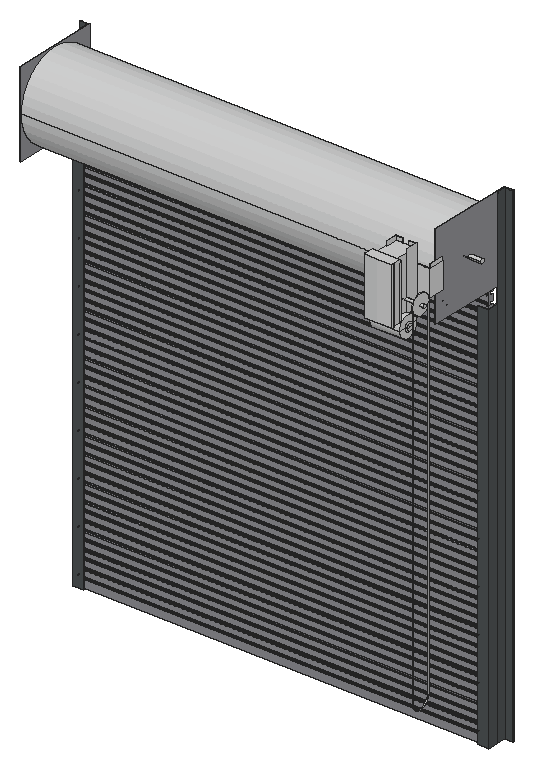
Revit family "Doors_Industrial_Overhead-Door-Corporation_Stormtite-AP-Rolling-Steel-Service-Doors-627_​", category Specialty Equipment, host Wall, Revit 2019
Family settings
  Host = Wall
  Round Connector Dimension = Use Diameter
  Part Type = Normal
  OmniClass Number = 23.30.10.21.34
  OmniClass Title = Industrial Doors
  Always vertical = Yes
  Cut with Voids When Loaded = Yes
  Shared = No
  Room Calculation Point = No
Parameters (values of type "115 volts, one phase, 60 Hz (110-120V range)")
  Width Count [instance] = if(or(Opening Width < 240", Opening Width = 240"), 20, if(or(Opening Width < 288", Opening Width = 288"), 24, 30))  # 20
  Warning Sign [instance] = if(Calculated Area > 683.00 SF, 1 = 1, 1 = 2)  # no
  Warning (Note) [instance] = if(Warning Sign, "The Door Area is out of the limit; please adjust accordingly. The maximum allowed area is 683 sq. ft.", if(Opening Height > 360", "Headroom Clearance Dimensions - out of the limits. Consult Factory", " "))  # " "
  Wall Thickness [instance] = 6"
  Voltage = 115 V
  True Opening Width [instance] = if(Between Jambs Mounting, Door Width True, Clear Width)  # 120"
  True Opening Height [instance] = if(Between Jambs Mounting, Clear Height + Headroom Height, Clear Height)  # 120"
  Slat Type [instance] = "FIT-265"  # constant formula
  Slat Option [instance] = 1  # constant formula
  Slat Length [instance] = Clear Width + G Value * 2 - 1" / 2 * 2  # 126"
  Slat Height [instance] = if(Slat < 2, 11 9/32", if(Slat = 2, 13 3/4", 13 19/128"))  # 13 19/128"
  Slat [instance] = 3  # constant formula
  Product Page URL = "https://www.overheaddoor.com/rolling-steel-service-doors-627"
  Power Factor = 1
  Powder Coat (Note) = "PowderGuard® Premium powder coat finish options are available in approximately 200 colors as well as custom matching to specification. PowderGuard® Textured finish, a thicker, more scratch resistant coat, is available in 11 colors providing enhanced scratch resistance as well as aiding in hiding the dirt and blemishes that often occur in commercial environments.​"  # constant formula
  Operator Visibility = yes
  Operation (Note) [instance] = "Door could operate by manual push, crank, electrical operator or chain hoist. Manual push up and crank could be used up to 80 sf, for larger door sizes you have to use Chain Hoist operator."  # constant formula
  Opening Width Real [instance] = if(Opening Width > Max Opening Width, Max Opening Width, if(Opening Width < Min Opening Width, Min Opening Width, Opening Width))  # 120"
  Opening Width [instance] = 120"
  Opening Height Real [instance] = if(Opening Height > Max Opening Height, Max Opening Height, if(Opening Height < Min Opening Height, Min Opening Height, Opening Height))  # 120"
  Opening Height [instance] = 120"
  One Array element [instance] = not(Array Vis)  # no
  Number of Poles = 1
  Motor Type [instance] = if(Between Jambs Mounting, "RSX Front of Hood", if(Motor Option < 2, "RSX Front of Hood", if(Motor Option = 2, "RSX Top of Hood", if(Motor Option = 3, "RSX Wall Mount", "RSX Bench Mount"))))  # "RSX Front of Hood"
  Motor Selection (Note) [instance] = "Generic operator shown. Contact Overhead Door when dimensions are critical. "  # constant formula
  Motor Position [instance] = if(Between Jambs Mounting, BJ Displacement Real, M Value - G Value)  # 2 3/4"
  Motor Option Real [instance] = if(Between Jambs Mounting, 1, if(Motor Option < 1, 1, if(Motor Option > 4, 4, Motor Option)))  # 1
  Motor Option [instance] = 1
  Min Opening Width [instance] = if(Between Jambs Mounting, 18" + BJ Displacement Real * 2 + G Value * 2, 18")  # 18"
  Min Opening Height [instance] = if(Between Jambs Mounting, 24" + Headroom Height, 24")  # 24"
  Max Opening Width [instance] = 364"  # constant formula
  Max Opening Height [instance] = 232"  # constant formula
  Material Finish [instance] = 627 : Standard - Gray
  M Value [instance] = if(or(Opening Width < 108", Opening Width = 108"), 5 3/4", if(or(Opening Width < 180", Opening Width = 180"), 6 1/4", if(or(Opening Width < 240", Opening Width = 240"), 7 1/4", 9 1/4")))  # 6 1/4"
  Lookup Table = "Hood Dimensions"  # constant formula
  Lookup BD [instance] = size_lookup(Lookup Table, if(Slat = 1, "A1", if(Slat = 2, "A2", "A3")), 10", Width Count, Height Count)  # 26"
  Jambs Offset [instance] = if(Between Jambs Mounting, BJ Displacement Real + G Value, 0")  # 0"
  Installation Real [instance] = if(Between Jambs Mounting, if((Wall Thickness / 2 - Guid Depth / 2) < 0", 0", Wall Thickness / 2 - Guid Depth / 2), Wall Thickness)  # 6"
  Hood Type [instance] = if(Hood Option < 2, "No Hood", if(Hood Option = 2, "Square Hood", if(Hood Option = 3, "Octagon Hood", "Round Hood")))  # "No Hood"
  Hood Option [instance] = 1
  Hood Offset [instance] = if(Chain Hoist or Manual, 3", 5")  # 5"
  Hood Material [instance] = Metal - Overhead Door - Gray
  Hood Height [instance] = Headroom Height Real - Hood Offset  # 26"
  Height Count [instance] = HC 3  # 11
  Lookup HH [instance] = size_lookup(Lookup Table, if(Slat = 1, "A1", if(Slat = 2, "A2", "A3")), 10", Width Count, Height Count)  # 26"
  Headroom Height Real [instance] = if(Face Of Wall Mounting, if(Chain Hoist or Manual, Lookup HH + 3", Lookup HH + 5"), Lookup HH + 3")  # 31"
  Headroom Height [instance] = if(Between Jambs Mounting, Headroom Height Real, if(Hood Option > 1, Headroom Height Real + 1 1/2", Headroom Height Real))  # 31"
  HC 3 [instance] = if(or(Opening Height < 72", Opening Height = 72"), 6, if(or(Opening Height < 96", Opening Height = 96"), 8, if(or(Opening Height < 108", Opening Height = 108"), 9, if(or(Opening Height < 132", Opening Height = 132"), 11, if(or(Opening Height < 156", Opening Height = 156"), 13, if(or(Opening Height < 192", Opening Height = 192"), 16, if(or(Opening Height < 216", Opening Height = 216"), 18, 19)))))))  # 11
  Guide Type [instance] = if(Between Jambs Mounting, "Angled Between Jambs Z Guide", "Angled Z Guide")  # "Angled Z Guide"
  Guide Option [instance] = if(Between Jambs Mounting, 1, 2)  # 2
  Guid Depth [instance] = if(Between Jambs Mounting, D Value + 1/4", D Value)  # 6 1/4"
  G Value [instance] = if(or(Opening Width < 108", Opening Width = 108"), 3", if(or(Opening Width < 180", Opening Width = 180"), 3 1/2", if(or(Opening Width < 240", Opening Width = 240"), 4", 5 9/16")))  # 3 1/2"
  Frequency = 60 Hz
  Face of Wall Offset [instance] = if(Between Jambs Mounting, 0", 5")  # 5"
  Face Of Wall Mounting [instance] = not(Between Jambs Mounting)  # yes
  Door Width True [instance] = if(Between Jambs Mounting, Clear Width + BJ Displacement Real * 2 + G Value * 2, Clear Width + M Value * 2)  # 132 1/2"
  Door Width (Real) [instance] = if(Between Jambs Mounting, Clear Width, Clear Width + 1" / 2)  # 120 1/2"
  Door Height True [instance] = Clear Width + Headroom Height  # 151"
  Door Height (Real) [instance] = Clear Height + Hood Offset  # 125"
  URL = "https://www.overheaddoor.com/"
  Product data url = "https://www.bimobject.com/overhead-door/product/stormtite-ap-rolling-steel-service-doors-627"
  Product Guid = "ebcf6bd3-ac62-4f39-a2e6-36bcc6072d1b"
  Model = "627"  # constant formula
  Manufacturer = "Overhead Door Corporation"  # constant formula
  Wall Closure = By host
  Floor To (CL) of Shaft [instance] = Clear Height + Hood Height / 2 + Hood Offset  # 138"
  Finish Material = Finish - Overhead Door - Black
  Description = "Model 627 Stormtite AP Insulated Heavy-duty rolling door R-value 10.9, U-value .84, Flame spread Class A or 1, system STC 21"  # constant formula
  D Value [instance] = if(or(Opening Width < 108", Opening Width = 108"), 5 11/16", if(or(Opening Width < 180", Opening Width = 180"), 6 1/4", if(or(Opening Width < 240", Opening Width = 240"), 6 3/16", 7 1/16")))  # 6 1/4"
  Clear Width [instance] = if(Between Jambs Mounting, Opening Width Real - BJ Displacement Real * 2 - G Value * 2, Opening Width Real)  # 120"
  Clear Height [instance] = if(Between Jambs Mounting, Opening Height Real - Headroom Height, Opening Height Real)  # 120"
  Chain Hoist or Manual = no
  Current = 20 A
  Connector Array Distance = 0"  # constant formula
  Connector Array = if(Chain Hoist or Manual, 2, 3)  # 3
  Between Jambs Mounting [instance] = no
  Between Jambs Guides Offset [instance] = 3"
  Bar [instance] = if(and(Hood Option > 1, Face Of Wall Mounting), 1 = 1, 1 = 2)  # no
  Backroom Depth [instance] = Lookup BD + 1/2"  # 26 1/2"
  BJ Opening Cut [instance] = if(Between Jambs Mounting, Headroom Height, 0")  # 0"
  BJ Displacement Real [instance] = if(Between Jambs Mounting, if(Between Jambs Guides Offset < 3", 3", if(Between Jambs Guides Offset > 6 3/4", 6 3/4", Between Jambs Guides Offset)), 0")  # 0"
  Array Vis [instance] = if(Array < 2, 1 = 2, 1 = 1)  # yes
  Array Real [instance] = if(Array < 2, 2, Array)  # 10
  Array Length [instance] = (Array) * Slat Height  # 131 31/64"
  Array [instance] = rounddown(([Door Height (Real)] - 3") / Slat Height) + 1  # 10
  Calculated Area [instance] = [Door Width (Real)] * [Door Height (Real)]  # 104.601 SF
  Apparent Load Phase 3 = if(Number of Poles = 1, 0 VA, (Voltage * Current * sqrt(3)) / 3)  # 0 VA
  Apparent Load Phase 2 = if(Number of Poles = 1, 0 VA, (Voltage * Current * sqrt(3)) / 3)  # 0 VA
  Apparent Load Phase 1 = if(Number of Poles = 1, Voltage * Current, (Voltage * Current * sqrt(3)) / 3)  # 2300 VA
Reference planes (in)
  plane 1 "Center (Front/Back)": y = -14.625
  plane 2 "Center (Left/Right)": x = 0
  plane 3 "Left": x = -60
  plane 4 "Right": x = 60
  plane 5 "Exterior": y = -8.625
  plane 6 "Interior": y = -14.625
  plane 7: x = 66.25
  plane 8: x = -66.25
  plane 9: z = 120
  plane 10 "Main": y = -20.23437
  plane 11 "Backroom Depth": y = -32.125
  plane 12 "Main Door Block": y = -5.625
  plane 13 "Bottom Bar": z = 2.75
  plane 14: y = -20.875
  plane 15: z = 134.23438
  plane 16: z = 151
  plane 17: z = 125
  plane 18: z = 152.5
  plane 19: z = 0
  plane 20: z = 60
  plane 21: y = -20.18359
  plane 22: y = 18.375
  plane 23: y = -41.625
  plane 24 "Double Main": y = -19.656
  plane 25 "Headroom Top": z = 151
  plane 26: z = 138
  plane 27: x = 63.5
  plane 28: x = -63.5
  plane 29: z = 121.08594
  plane 30: z = 2.75
  plane 31: z = 121.08594
  plane 32: z = 15.89844
  plane 33: z = 29.04688
  plane 34: z = 42.19531
  plane 35: z = 55.34375
  plane 36: z = 68.49219
  plane 37: z = 81.64063
  plane 38: z = 94.78906
  plane 39: z = 107.9375
  plane 40: y = -20.18359
  plane 41: y = -20.18359
  plane 42: y = -20.18359
  plane 43: y = -20.18359
  plane 44: y = -20.18359
  plane 45: y = -20.18359
  plane 46: y = -20.18359
  plane 47: y = -20.18359
  plane 48: y = -20.18359
  plane 49: y = -20.18359
Forms (in)
  Extrusion 1, void
    sketch origin (0, -5.625, 0) x (0, 0, -1) y (-1, 0, 0)
      loop
        line (-120, 60) -> (-120, -60) -> (0, -60) -> (0, 60) -> (-120, 60)
    from -9 to -3
  Extrusion 2, solid, material "Metal - Overhead Door - Gray" <- "Hood Material", visible <- "Bar"
    sketch origin (0, 0, 0) x (0, 1, 0) y (0, 0, 1)
      loop
        line (-14.875, 151) -> (-14.625, 151) -> (-14.625, 152.5) -> (-14.875, 152.5) -> (-14.875, 151)
    from -63.25 to 63.25
Lines and regions (in)
  symbolic lines, visible <- "Bar"
    curve 1: line (63.25, -14.625, 0) -> (-63.25, -14.625, 0)
    curve 2: line (-63.25, -14.875, 0) -> (63.25, -14.875, 0)
Text (in)
  text "Exterior" at (-74.96733, 27.31104, 0), in view "Ref. Level"
  text "Interior" at (-74.96733, -25.14366, 0), in view "Ref. Level"
  text "Exterior" at (0, 40.15149, 123.01588), in view "Right"
  text "Interior" at (0, -64.39139, 123.01588), in view "Right"
  text "Interior" at (0, -31.01599, 123.00693), in view "Left"
  text "Exterior" at (0, 54.57065, 123.00693), in view "Left"
Dimensions and locks (in)
  equal spacing: plane 3 "Left", plane 2 "Center (Left/Right)", plane 4 "Right"
  "Clear Width": plane 3 "Left" to plane 4 "Right"
  level to host wall = 459.59655"
  "Clear Height": level to plane 9
  plane 7 to plane 8 = 132 1/2"
  equal spacing: plane 7, plane 2 "Center (Left/Right)", plane 8
  locked: plane 13 "Bottom Bar" to level at 2.75
  "Door Width True": plane 7 to plane 8
  locked: plane 14 to plane 10 "Main" at 0.64063
  "Array Length": plane 15 to plane 13 "Bottom Bar"
  "Backroom Depth": plane 11 "Backroom Depth" to plane 12 "Main Door Block"
  "Hood Height": plane 16 to plane 17
  locked: plane 18 to plane 16 at 1.5
  locked: Extrusion 2 sketch curve to Extrusion 2 sketch curve at 0.25
  "Installation Real": plane 1 "Center (Front/Back)" to plane 5 "Exterior"
  "Wall Thickness": host wall to host wall
  equal spacing: plane 9, plane 20, plane 19
  locked: plane 10 "Main" to plane 21 at 0.05078
  equal spacing: plane 22, host wall, plane 23
  locked: plane 22 to plane 23 at 60
  locked: plane 10 "Main" to plane 24 "Double Main" at 0.57837
  "BJ Opening Cut": Extrusion 1 sketch curve to plane 9
  locked: Extrusion 2 sketch curve to Extrusion 2 sketch curve at 1.5
  "Hood Offset": plane 17 to plane 9
  "Headroom Height": plane 25 "Headroom Top" to plane 9
  "Floor To (CL) of Shaft": plane 26 to level
  "Jambs Offset": plane 4 "Right" to Extrusion 1 sketch curve
  "Jambs Offset": Extrusion 1 sketch curve to plane 3 "Left"
  "Motor Position": plane 7 to plane 27
  "Motor Position": plane 28 to plane 8
  locked: plane 28 to Extrusion 2 at 0.25
  locked: Extrusion 2 to plane 27 at 0.25
  "Guid Depth": plane 14 to plane 1 "Center (Front/Back)"
  "Slat Height": plane 15 to plane 29
  equal spacing: group 2, group 10, group 9, group 8, group 7, group 6, group 5, group 4, group 3, group 1
  equal spacing: group 1, group 3, group 4, group 5, group 6, group 7, group 8, group 9, group 10, group 2  (x2)
  aligned and locked: plane 5 "Exterior" to host wall
  aligned and locked: host wall to plane 6 "Interior"
  aligned and locked: level to Extrusion 1 sketch curve
  aligned and locked: Extrusion 1 to plane 5 "Exterior"
  aligned and locked: plane 6 "Interior" to Extrusion 1
  aligned and locked: nested 1 to plane 2 "Center (Left/Right)"
  aligned and locked: plane 16 to nested 2
  aligned and locked: nested 1 to level
  aligned and locked: Extrusion 2 sketch curve to plane 18
  aligned and locked: Extrusion 2 sketch curve to plane 6 "Interior"
  aligned and locked: curve 1 to Extrusion 2  (x2)
  aligned and locked: curve 2 to Extrusion 2  (x2)
  aligned and locked: Extrusion 2 to curve 2
  aligned and locked: nested 2 to plane 5 "Exterior"
  aligned and locked: level to plane 19
  aligned and locked: nested 1 to plane 1 "Center (Front/Back)"
  aligned and locked: plane 2 "Center (Left/Right)" to nested 3
  aligned and locked: nested 3 to plane 22
  aligned and locked: plane 23 to nested 4
  aligned and locked: nested 4 to plane 2 "Center (Left/Right)"
  aligned and locked: nested 5 to plane 20
  aligned and locked: plane 2 "Center (Left/Right)" to nested 5
  aligned and locked: nested 2 to plane 27
  aligned and locked: nested 5 to plane 21
  aligned and locked: nested 1 to plane 13 "Bottom Bar"
  aligned and locked: plane 13 "Bottom Bar" to plane 30
  aligned and locked: plane 29 to plane 31
  aligned and locked: plane 21 to nested 16
  aligned and locked: plane 21 to plane 40
  aligned and locked: plane 21 to plane 42
Automatic sketch dimensions
  curve 1 to curve 2 = 0"
Nested families (in)
  nested 1: "Lifts" at (0, -14.625, 0), type "Frame Unit"
    with Square Hood no, Round Hood no, Octagon Hood no, No Hood yes, M Value 6 1/4", Hood Offset 5", Hood Height 26", Headroom Height Real 31", Half Octagon Side 5.38478", Half Hood Height 26", Shaft Offset 13", Radius Hood 13", Headroom Height 31", Header Width 26 1/2", Guide Z Wide 2 3/4", Floor To (CL) of Shaft 138", D Value 6 1/4"
  nested 2: "Motor" at (56.6205, -48.705, 126.93), visible <- "Operator Visibility", type "Trolley Motor"
    with Vertical Mount 24.07", Hood Width Real 26 1/2", Hood Width 26 1/2", Hood Height 26", Floor To Cl Shaft 138"
  nested 3: "Label Annotation 1" at (0, 18.375, 0), visible <- "Warning Sign", type "Label Annotation 1"
  nested 4: "Label Annotation 1" at (0, -41.625, 0) x (-1, 0, 0) z (0, 0, 1), visible <- "Warning Sign", type "Label Annotation 1"
  nested 5: "Warning Sign" at (0, -20.18359, 60), visible <- "Warning Sign", type "Warning Sign"
    with Warning Sign no
  nested 6: "627" at (0, -20.18359, 2.75), type <- "Material Finish", Slat Option <- "Slat", visible <- "Array Vis", Opening Width <- "Slat Length", type "Standard - Gray"
    with Void Offset 2", Void Height 1 1/2", Slat Width 1 1/2", Slat Position + Offset 14.491", Slat Position 13.15", Slat Option 3, Opening Width 126", Integrated Cutout no, F 265, FE 265 yes, Cutout Width Offset 1", Cutout Vertical Offset 1.341", Cutout Horizontal Offset 1", C 275 no, C 187 Standard no
  nested 7: "627" at (0, -20.18359, 121.08594), type <- "Material Finish", Slat Option <- "Slat", visible <- "Array Vis", Opening Width <- "Slat Length", type "Standard - Gray"
    with Void Offset 2", Void Height 1 1/2", Slat Width 1 1/2", Slat Position + Offset 14.491", Slat Position 13.15", Slat Option 3, Opening Width 126", Integrated Cutout no, F 265, FE 265 yes, Cutout Width Offset 1", Cutout Vertical Offset 1.341", Cutout Horizontal Offset 1", C 275 no, C 187 Standard no
  nested 8: "627" at (0, -20.18359, 15.89844), type <- "Material Finish", Slat Option <- "Slat", visible <- "Array Vis", Opening Width <- "Slat Length", type "Standard - Gray"
    with Void Offset 2", Void Height 1 1/2", Slat Width 1 1/2", Slat Position + Offset 14.491", Slat Position 13.15", Slat Option 3, Opening Width 126", Integrated Cutout no, F 265, FE 265 yes, Cutout Width Offset 1", Cutout Vertical Offset 1.341", Cutout Horizontal Offset 1", C 275 no, C 187 Standard no
  nested 9: "627" at (0, -20.18359, 29.04687), type <- "Material Finish", Slat Option <- "Slat", visible <- "Array Vis", Opening Width <- "Slat Length", type "Standard - Gray"
    with Void Offset 2", Void Height 1 1/2", Slat Width 1 1/2", Slat Position + Offset 14.491", Slat Position 13.15", Slat Option 3, Opening Width 126", Integrated Cutout no, F 265, FE 265 yes, Cutout Width Offset 1", Cutout Vertical Offset 1.341", Cutout Horizontal Offset 1", C 275 no, C 187 Standard no
  nested 10: "627" at (0, -20.18359, 42.19531), type <- "Material Finish", Slat Option <- "Slat", visible <- "Array Vis", Opening Width <- "Slat Length", type "Standard - Gray"
    with Void Offset 2", Void Height 1 1/2", Slat Width 1 1/2", Slat Position + Offset 14.491", Slat Position 13.15", Slat Option 3, Opening Width 126", Integrated Cutout no, F 265, FE 265 yes, Cutout Width Offset 1", Cutout Vertical Offset 1.341", Cutout Horizontal Offset 1", C 275 no, C 187 Standard no
  nested 11: "627" at (0, -20.18359, 55.34375), type <- "Material Finish", Slat Option <- "Slat", visible <- "Array Vis", Opening Width <- "Slat Length", type "Standard - Gray"
    with Void Offset 2", Void Height 1 1/2", Slat Width 1 1/2", Slat Position + Offset 14.491", Slat Position 13.15", Slat Option 3, Opening Width 126", Integrated Cutout no, F 265, FE 265 yes, Cutout Width Offset 1", Cutout Vertical Offset 1.341", Cutout Horizontal Offset 1", C 275 no, C 187 Standard no
  nested 12: "627" at (0, -20.18359, 68.49219), type <- "Material Finish", Slat Option <- "Slat", visible <- "Array Vis", Opening Width <- "Slat Length", type "Standard - Gray"
    with Void Offset 2", Void Height 1 1/2", Slat Width 1 1/2", Slat Position + Offset 14.491", Slat Position 13.15", Slat Option 3, Opening Width 126", Integrated Cutout no, F 265, FE 265 yes, Cutout Width Offset 1", Cutout Vertical Offset 1.341", Cutout Horizontal Offset 1", C 275 no, C 187 Standard no
  nested 13: "627" at (0, -20.18359, 81.64062), type <- "Material Finish", Slat Option <- "Slat", visible <- "Array Vis", Opening Width <- "Slat Length", type "Standard - Gray"
    with Void Offset 2", Void Height 1 1/2", Slat Width 1 1/2", Slat Position + Offset 14.491", Slat Position 13.15", Slat Option 3, Opening Width 126", Integrated Cutout no, F 265, FE 265 yes, Cutout Width Offset 1", Cutout Vertical Offset 1.341", Cutout Horizontal Offset 1", C 275 no, C 187 Standard no
  nested 14: "627" at (0, -20.18359, 94.78906), type <- "Material Finish", Slat Option <- "Slat", visible <- "Array Vis", Opening Width <- "Slat Length", type "Standard - Gray"
    with Void Offset 2", Void Height 1 1/2", Slat Width 1 1/2", Slat Position + Offset 14.491", Slat Position 13.15", Slat Option 3, Opening Width 126", Integrated Cutout no, F 265, FE 265 yes, Cutout Width Offset 1", Cutout Vertical Offset 1.341", Cutout Horizontal Offset 1", C 275 no, C 187 Standard no
  nested 15: "627" at (0, -20.18359, 107.9375), type <- "Material Finish", Slat Option <- "Slat", visible <- "Array Vis", Opening Width <- "Slat Length", type "Standard - Gray"
    with Void Offset 2", Void Height 1 1/2", Slat Width 1 1/2", Slat Position + Offset 14.491", Slat Position 13.15", Slat Option 3, Opening Width 126", Integrated Cutout no, F 265, FE 265 yes, Cutout Width Offset 1", Cutout Vertical Offset 1.341", Cutout Horizontal Offset 1", C 275 no, C 187 Standard no
  nested 16: "627" at (0, -20.18359, 2.75), type <- "Material Finish", Slat Option <- "Slat", visible <- "One Array element", Opening Width <- "Slat Length", type "Standard - Gray"
    with Void Offset 2", Void Height 1 1/2", Slat Width 1 1/2", Slat Position + Offset 14.491", Slat Position 13.15", Slat Option 3, Opening Width 126", Integrated Cutout no, F 265, FE 265 yes, Cutout Width Offset 1", Cutout Vertical Offset 1.341", Cutout Horizontal Offset 1", C 275 no, C 187 Standard no
Connectors (in)
  electrical at (59.6085, -47.31077, 137.4998), driven by "Apparent Load Phase 1", driven by "Power Factor", driven by "Voltage", driven by "Number of Poles", driven by "Apparent Load Phase 2", driven by "Apparent Load Phase 3"
    settings: on nested 2, index 1, voltage 115 V, apparent load 0 VA, apparent load phase1 2300 VA, apparent load phase2 0 VA, apparent load phase3 0 VA, power factor 1, load classification "Other", number of poles 1, system type 31, power factor state 1, is connector primary yes, connector utility no, sub classification motor no, connector description "Electrical Connector"
Definition of nested family "Lifts"
  Parameters (values of type "Frame Unit")
    True Width = if(Between Jambs, Opening Width, Opening Width + 1/2")  # 120 1/2"
    Square Hood [instance] = if(Hood Option = 2, 1 = 1, 1 = 2)  # no
    Slat Option = 1
    Round Hood [instance] = if(Hood Option > 3, 1 = 1, 1 = 2)  # no
    Rough Width = 0"
    Rough Height = 0"
    Octagon Hood [instance] = if(Hood Option = 3, 1 = 1, 1 = 2)  # no
    No Hood [instance] = if(Hood Option < 2, 1 = 1, 1 = 2)  # yes
    M Value = 5 1/4"
    Hood Type = if(Hood Option < 2, "No Hood", if(Hood Option = 2, "Square Hood", if(Hood Option = 3, "Octagon Hood", "Round Hood")))  # "No Hood"
    Hood Option = 1
    Hood Offset = 3"
    Hood Height = Headroom Height Real - Hood Offset  # 16"
    Headroom Height Real = Headroom Height  # 19"
    Half Octagon Side = (Radius Hood * 2 * tan(180.00° / 8)) / 2  # 3.00305"
    Half Hood Height = Headroom Height - Hood Offset  # 16"
    G Value = 3 1/2"
    E Guide Width = if(Between Jambs, Guide Offset - G Value + BJ Connection Length - BJ Displacement * 2 / 3, 3")  # 3"
    E Guide Height = 3"  # constant formula
    Z Guide = 1 = 1  # yes
    Slat Material = none
    Shaft Offset = if(Hood Option > 3, (Header Width - (Header Width - Hood Height)) / 2, if(Hood Height < Header Width, (Header Width - (Header Width - Hood Height)) / 2, Header Width / 2))  # 7 1/4"
    Shaft Material = none
    Shaft Length 2 = if(Between Jambs, G Value + BJ Displacement, G Value + 4")  # 7 1/2"
    Shaft Length 1 = if(Between Jambs, G Value + BJ Displacement, G Value + 4")  # 7 1/2"
    Setback = if(Between Jambs, 0", 1/4")  # 1/4"
    Radius Hood = Shaft Offset  # 7 1/4"
    Opening Width = 120"
    Hood Material = none
    Headroom Height = 19"
    Header Width = 14 1/2"
    Opening Height = 120"
    Guide Type = if(Between Jambs, "Angled Between Jambs Z Guide", if(Guide Option > 1, "Angled Z Guide", "Angled E Guide"))  # "Angled Z Guide"
    Guide Option = if(Between Jambs, 1, 2)  # 2
    Guide Offset = BJ Displacement + G Value  # 3 1/2"
    Guide Z Wide = if(Between Jambs, Guide Offset - G Value + BJ Connection Length - BJ Displacement * 2 / 3, M Value - G Value)  # 1 3/4"
    Guide Z Height = 3"  # constant formula
    Floor To (CL) of Shaft = 131"
    Finish Material = none
    Face to Wall Mount = not(Between Jambs)  # yes
    E Guide = if(Between Jambs, 1 = 1, 1 = 2)  # no
    D Value = 4 1/2"
    Between Jambs = no
    BJ Position = if(Between Jambs, 1/4", 0")  # 0"
    BJ Displacement = 0"
    BJ Connection Length = 1 / 3 * BJ Displacement  # 0"
    Angled Guide = 1 = 1  # yes
  Reference planes (in)
    plane 1 "Center (Front/Back)": y = 0
    plane 2: z = 0
    plane 3 "Center (Left/Right)": x = 0
    plane 4 "Opening Height": z = 120
    plane 5: x = -67.5
    plane 6: x = 67.5
    plane 7: z = 139
    plane 8: y = 14.5
    plane 9 "Real Opening 2": x = -60
    plane 10 "Real Opening 1": x = 60
    plane 11: z = 123
    plane 12 "Main": y = 0
    plane 13: z = 131
    plane 14: y = 7.25
    plane 15: x = 63.5
    plane 16: x = -63.5
    plane 17: x = -63.5
    plane 18: x = 63.5
    plane 19: y = 4.5
    plane 20: x = -63.25
    plane 21: x = 63.25
    plane 22: y = 7.25
    plane 23: z = 140.5
    plane 24: y = 4.5
    plane 25: y = 3.375
    plane 26: y = 4.5
    plane 27: y = 3.375
  Forms (in)
    Extrusion 1, solid, material <- "Slat Material"
      sketch origin (0, 0, 0) x (0, 1, 0) y (0, 0, 1)
        loop
          line (3.6875, 2.375) -> (3.6875, 2.75) -> (3.0625, 2.75) -> (3.0625, 2.375) -> (3.6875, 2.375)
      from -63.25 to 63.25
    Extrusion 2, solid, material <- "Slat Material"
      sketch origin (0, 0, 0) x (0, 1, 0) y (0, 0, 1)
        loop
          line (3.6875, 2.375) -> (3.0625, 2.375) -> (3.0625, 0) -> (3.6875, 0) -> (3.6875, 2.375)
      from -63.25 to 63.25
    Extrusion 3, solid, material <- "Shaft Material"
      sketch origin (0, -5.35201, 0) x (0, 1, 0) y (0, 0, 1)
        loop
          circle (12.60201, 131) r 0.6
      from -67.5 to 67.5
    Extrusion 4, solid, material <- "Hood Material", visible <- "Square Hood"
      sketch origin (0, 0, 0) x (0, 1, 0) y (0, 0, 1)
        loop
          line (0, 123) -> (14.5, 123) -> (14.5, 139) -> (0, 139) -> (0, 123)
      from -63.25 to 63.25
    Extrusion 5, solid, material <- "Hood Material", visible <- "Round Hood"
      sketch origin (0, 0, 0) x (0, 1, 0) y (0, 0, 1)
        loop
          line (0, 139) -> (0, 123) -> (7.25, 123)
          arc (7.25, 123) -> (15.25, 131) -> (7.25, 139) r 8
          line (7.25, 139) -> (0, 139)
      from -63.25 to 63.25
    Extrusion 6, solid, material <- "Finish Material", visible <- "E Guide"
      sketch origin (0, 0, 0) x (1, 0, 0) y (0, 1, 0)
        loop
          line (60.5, 0) -> (63.5, 0) -> (63.5, 3) -> (63.4375, 3)
          arc (63.4375, 3) -> (63.30492, 2.94508) -> (63.25, 2.8125) r 0.1875
          line (63.25, 2.8125) -> (63.25, 0.25) -> (60.6875, 0.25)
          arc (60.6875, 0.25) -> (60.55492, 0.19508) -> (60.5, 0.0625) r 0.1875
          line (60.5, 0.0625) -> (60.5, 0)
        loop
          line (-60.5, 0) -> (-60.5, 0.0625)
          arc (-60.5, 0.0625) -> (-60.55492, 0.19508) -> (-60.6875, 0.25) r 0.1875
          line (-60.6875, 0.25) -> (-63.25, 0.25) -> (-63.25, 2.8125)
          arc (-63.25, 2.8125) -> (-63.30492, 2.94508) -> (-63.4375, 3) r 0.1875
          line (-63.4375, 3) -> (-63.5, 3) -> (-63.5, 0) -> (-60.5, 0)
      from 0 to 139
    Extrusion 7, solid, material <- "Finish Material", visible <- "Z Guide"
      sketch origin (0, 0, 0) x (1, 0, 0) y (0, 1, 0)
        loop
          line (65.25, 0) -> (65.25, 0.062)
          arc (65.25, 0.062) -> (65.19494, 0.19494) -> (65.062, 0.25) r 0.188
          line (65.062, 0.25) -> (63.75, 0.25) -> (63.75, 2.812)
          arc (63.75, 2.812) -> (63.69494, 2.94494) -> (63.562, 3) r 0.188
          line (63.562, 3) -> (63.5, 3) -> (63.5, 0) -> (65.25, 0)
        loop
          line (-65.25, 0) -> (-63.5, 0) -> (-63.5, 3) -> (-63.562, 3)
          arc (-63.562, 3) -> (-63.69494, 2.94494) -> (-63.75, 2.812) r 0.188
          line (-63.75, 2.812) -> (-63.75, 0.25) -> (-65.062, 0.25)
          arc (-65.062, 0.25) -> (-65.19494, 0.19494) -> (-65.25, 0.062) r 0.188
          line (-65.25, 0.062) -> (-65.25, 0)
      from 0 to 139
    Extrusion 8, solid, material <- "Finish Material", visible <- "Angled Guide"
      sketch origin (0, 0, 0) x (1, 0, 0) y (0, 1, 0)
        loop
          line (60.25, 4.5) -> (60.25, 4.437)
          arc (60.25, 4.437) -> (60.30477, 4.30477) -> (60.437, 4.25) r 0.187
          line (60.437, 4.25) -> (63.25, 4.25) -> (63.25, 2.5) -> (60.25, 2.5) -> (60.25, 2.437)
          arc (60.25, 2.437) -> (60.30477, 2.30477) -> (60.437, 2.25) r 0.187
          line (60.437, 2.25) -> (63, 2.25) -> (63, 0.5625) -> (63.25, 0.5625) -> (63.25, 0.25) -> (63.5, 0.25) -> (63.5, 4.5) -> (60.25, 4.5)
        loop
          line (-60.25, 4.5) -> (-63.5, 4.5) -> (-63.5, 0.25) -> (-63.25, 0.25) -> (-63.25, 0.5625) -> (-63, 0.5625) -> (-63, 2.25) -> (-60.437, 2.25)
          arc (-60.437, 2.25) -> (-60.30477, 2.30477) -> (-60.25, 2.437) r 0.187
          line (-60.25, 2.437) -> (-60.25, 2.5) -> (-63.25, 2.5) -> (-63.25, 4.25) -> (-60.437, 4.25)
          arc (-60.437, 4.25) -> (-60.30477, 4.30477) -> (-60.25, 4.437) r 0.187
          line (-60.25, 4.437) -> (-60.25, 4.5)
      from 0 to 120
    Extrusion 9, solid, material <- "Hood Material"
      sketch origin (0, 0, 0) x (-1, 0, 0) y (0, 0, 1)
        loop
          line (63.25, 123) -> (63.5, 123) -> (63.5, 139) -> (63.25, 139) -> (63.25, 123)
        loop
          line (-63.5, 123) -> (-63.25, 123) -> (-63.25, 139) -> (-63.5, 139) -> (-63.5, 123)
      from 0 to 14.5
    Extrusion 10, solid, material <- "Shaft Material", visible <- "No Hood"
      sketch origin (0, 0, 0) x (0, 1, 0) y (0, 0, 1)
        loop
          circle (7.25, 131) r 7.25
      from -63.25 to 63.25
    Extrusion 11, solid, material <- "Hood Material", visible <- "Octagon Hood"
      sketch origin (0, 0, 0) x (0, 1, 0) y (0, 0, 1)
        loop
          line (0, 139) -> (0, 123) -> (10.25305, 123) -> (14.5, 127.99695) -> (14.5, 134.00305) -> (10.25305, 139) -> (0, 139)
      from -63.25 to 63.25
  Lines and regions (in)
    Masking region 1
      outline origin (0, 0, 0) x (1, 0, 0) y (0, 1, 0)
        loop
          line (67.5, 7.85) -> (63.5, 7.85) -> (63.5, 6.65) -> (67.5, 6.65) -> (67.5, 7.85)
        loop
          line (-67.5, 6.65) -> (-63.5, 6.65) -> (-63.5, 7.85) -> (-67.5, 7.85) -> (-67.5, 6.65)
    Masking region 2
      outline origin (0, 0, 0) x (1, 0, 0) y (0, 1, 0)
        loop
          line (-63.5, 14.5) -> (-63.5, 0) -> (63.5, 0) -> (63.5, 14.5) -> (-63.5, 14.5)
    Masking region 3, visible <- "Z Guide"
      outline origin (0, 0, 0) x (1, 0, 0) y (0, 1, 0)
        loop
          line (65.062, 0.25) -> (63.75, 0.25) -> (63.75, 2.812)
          arc (63.75, 2.812) -> (63.69494, 2.94494) -> (63.562, 3) r 0.188
          line (63.562, 3) -> (63.5, 3) -> (63.5, 0) -> (65.25, 0) -> (65.25, 0.062)
          arc (65.25, 0.062) -> (65.19494, 0.19494) -> (65.062, 0.25) r 0.188
        loop
          line (-63.75, 0.25) -> (-65.062, 0.25)
          arc (-65.062, 0.25) -> (-65.19494, 0.19494) -> (-65.25, 0.062) r 0.188
          line (-65.25, 0.062) -> (-65.25, 0) -> (-63.5, 0) -> (-63.5, 3) -> (-63.562, 3)
          arc (-63.562, 3) -> (-63.69494, 2.94494) -> (-63.75, 2.812) r 0.188
          line (-63.75, 2.812) -> (-63.75, 0.25)
    Masking region 4, visible <- "E Guide"
      outline origin (0, 0, 0) x (1, 0, 0) y (0, 1, 0)
        loop
          line (-63.5, 3) -> (-63.5, 0) -> (-60.5, 0) -> (-60.5, 0.0625)
          arc (-60.5, 0.0625) -> (-60.55492, 0.19508) -> (-60.6875, 0.25) r 0.1875
          line (-60.6875, 0.25) -> (-63.25, 0.25) -> (-63.25, 2.8125)
          arc (-63.25, 2.8125) -> (-63.30492, 2.94508) -> (-63.4375, 3) r 0.1875
          line (-63.4375, 3) -> (-63.5, 3)
        loop
          line (63.5, 0) -> (63.5, 3) -> (63.4375, 3)
          arc (63.4375, 3) -> (63.30492, 2.94508) -> (63.25, 2.8125) r 0.1875
          line (63.25, 2.8125) -> (63.25, 0.25) -> (60.6875, 0.25)
          arc (60.6875, 0.25) -> (60.55492, 0.19508) -> (60.5, 0.0625) r 0.1875
          line (60.5, 0.0625) -> (60.5, 0) -> (63.5, 0)
    symbolic lines
      curve 1: line (-63.25, 0, 0) -> (-63.25, 14.5, 0)
      curve 2: line (63.25, 14.5, 0) -> (63.25, 0, 0)
    symbolic lines, visible <- "Octagon Hood"
      curve 3: line (-63.25, 10.25305, 0) -> (63.25, 10.25305, 0)
  Dimensions and locks (in)
    Extrusion 1 sketch curve to level = 2 3/8"
    locked: Extrusion 1 sketch curve to Extrusion 1 sketch curve at 0.625
    locked: Extrusion 2 sketch curve to level at 2.375
    "Headroom Height Real": plane 7 to plane 4 "Opening Height"
    plane 8 to plane 1 "Center (Front/Back)" = 14 1/2"
    "Radius Hood": Extrusion 5 sketch curve to plane 8
    "Opening Height": plane 4 "Opening Height" to level
    "Hood Offset": plane 11 to plane 4 "Opening Height"
    "BJ Position": plane 12 "Main" to plane 1 "Center (Front/Back)"
    "Header Width": plane 12 "Main" to plane 8
    "Floor To (CL) of Shaft": plane 13 to level
    "Shaft Offset": Extrusion 3 sketch curve to plane 8
    locked: Extrusion 2 sketch curve to Extrusion 2 sketch curve at 0.625
    "Shaft Offset": plane 8 to plane 14
    locked: Masking region 1 sketch curve to Masking region 1 sketch curve at 1.2
    locked: Masking region 1 sketch curve to plane 14 at 0.6
    "Guide Offset": plane 10 "Real Opening 1" to plane 15
    "Guide Offset": plane 16 to plane 9 "Real Opening 2"
    locked: Extrusion 6 sketch curve to Extrusion 6 sketch curve at 0.25  (x4)
    "E Guide Height": Extrusion 6 sketch curve to Extrusion 6 sketch curve  (x2)
    "E Guide Width": Extrusion 6 sketch curve to Extrusion 6 sketch curve  (x2)
    locked: Extrusion 7 sketch curve to Extrusion 7 sketch curve at 0.25  (x4)
    "Guide Z Wide": Extrusion 7 sketch curve to Extrusion 7 sketch curve  (x2)
    "Guide Z Height": Extrusion 7 sketch curve to Extrusion 7 sketch curve  (x2)
    locked: Extrusion 8 sketch curve to Extrusion 8 sketch curve at 0.25  (x8)
    locked: Extrusion 8 sketch curve to Extrusion 8 sketch curve at 2.25  (x2)
    locked: Extrusion 8 sketch curve to Extrusion 8 sketch curve at 4.25  (x2)
    locked: Extrusion 8 sketch curve to Extrusion 8 sketch curve at 0.3125  (x2)
    "Setback": plane 10 "Real Opening 1" to Extrusion 8 sketch curve
    "Setback": Extrusion 8 sketch curve to plane 9 "Real Opening 2"
    equal spacing: plane 16, plane 3 "Center (Left/Right)", plane 15
    "G Value": Extrusion 7 sketch curve to plane 9 "Real Opening 2"
    "G Value": plane 10 "Real Opening 1" to Extrusion 7 sketch curve
    "G Value": plane 10 "Real Opening 1" to plane 18
    "G Value": plane 17 to plane 9 "Real Opening 2"
    "Shaft Length 1": plane 5 to plane 9 "Real Opening 2"
    "Shaft Length 2": plane 6 to plane 10 "Real Opening 1"
    locked: Extrusion 2 to plane 18 at 0.25
    locked: Extrusion 2 to plane 17 at 0.25
    locked: plane 17 to plane 20 at 0.25
    locked: plane 21 to plane 18 at 0.25
    "Shaft Offset": Extrusion 10 sketch curve to plane 8
    plane 13 to plane 11 = 8"
    plane 7 to plane 13 = 8"
    "Shaft Offset": plane 22 to plane 8
    "Half Octagon Side": Extrusion 11 sketch curve to plane 13
    "Half Octagon Side": plane 13 to Extrusion 11 sketch curve
    "Half Octagon Side": plane 22 to Extrusion 11 sketch curve  (x2)
    equal spacing: plane 9 "Real Opening 2", plane 3 "Center (Left/Right)", plane 10 "Real Opening 1"
    "Opening Width": plane 9 "Real Opening 2" to plane 10 "Real Opening 1"
    locked: plane 23 to plane 7 at 1.5
    "D Value": plane 1 "Center (Front/Back)" to plane 19
    "D Value": plane 24 to plane 1 "Center (Front/Back)"
    locked: plane 24 to plane 25 at 1.125
    equal spacing: Extrusion 1 sketch curve, plane 25, Extrusion 1 sketch curve
    "D Value": plane 26 to plane 1 "Center (Front/Back)"
    locked: plane 26 to plane 27 at 1.125
    equal spacing: Extrusion 2 sketch curve, plane 27, Extrusion 2 sketch curve
    "G Value": plane 10 "Real Opening 1" to Extrusion 8 sketch curve
    "G Value": Extrusion 8 sketch curve to plane 9 "Real Opening 2"
    radius of Extrusion 6 sketch curve = 3/16"  (x4)
    radius of Extrusion 7 sketch curve = 0.188"  (x4)
    locked: Extrusion 8 sketch curve to Extrusion 8 sketch curve (radius 0.187")  (x4)
    "Radius Hood": radius of Extrusion 10 sketch curve
    aligned and locked: plane 2 to level
    aligned and locked: plane 5 to Extrusion 3
    aligned and locked: Extrusion 3 to plane 6
    aligned and locked: Extrusion 4 sketch curve to plane 7
    aligned and locked: Extrusion 4 sketch curve to plane 8
    aligned and locked: Extrusion 5 sketch curve to plane 7
    aligned and locked: plane 13 to Extrusion 3 sketch curve
    aligned and locked: plane 5 to Masking region 1 sketch curve
    aligned and locked: plane 6 to Masking region 1 sketch curve
    aligned and locked: Masking region 1 sketch curve to Masking region 1 sketch curve  (x2)
    aligned and locked: plane 12 "Main" to Extrusion 6 sketch curve  (x2)
    aligned and locked: Extrusion 6 sketch curve to plane 15
    aligned and locked: plane 16 to Extrusion 6 sketch curve
    aligned and locked: Extrusion 7 sketch curve to plane 1 "Center (Front/Back)"  (x2)
    aligned and locked: Extrusion 8 sketch curve to Extrusion 8 sketch curve  (x4)
    aligned and locked: plane 19 to Extrusion 8 sketch curve
    aligned and locked: Extrusion 8 sketch curve to plane 19
    aligned and locked: plane 4 "Opening Height" to Extrusion 8
    aligned and locked: Extrusion 5 sketch curve to plane 12 "Main"
    aligned and locked: plane 12 "Main" to Extrusion 4 sketch curve
    aligned and locked: Extrusion 9 sketch curve to plane 11  (x2)
    aligned and locked: Extrusion 9 sketch curve to plane 7  (x2)
    aligned and locked: plane 17 to Extrusion 9 sketch curve
    aligned and locked: Extrusion 9 sketch curve to plane 18
    aligned and locked: Masking region 2 sketch curve to Extrusion 4
    aligned and locked: Masking region 2 to curve 2  (x2)
    aligned and locked: Masking region 2 to curve 1  (x2)
    aligned and locked: Masking region 3 sketch curve to Extrusion 7  (x10)
    aligned and locked: Extrusion 7 to Masking region 3 sketch curve
    aligned and locked: Masking region 4 sketch curve to Extrusion 6  (x10)
    aligned and locked: Extrusion 2 to Extrusion 1
    aligned and locked: Extrusion 1 to Extrusion 2
    aligned and locked: Extrusion 9 to curve 1
    aligned and locked: Extrusion 9 to curve 2
    aligned and locked: Masking region 2 to plane 17
    aligned and locked: Masking region 2 to plane 18
    aligned and locked: plane 18 to Masking region 1 sketch curve
    aligned and locked: Masking region 1 sketch curve to plane 17
    aligned and locked: plane 20 to Extrusion 9 sketch curve
    aligned and locked: plane 21 to Extrusion 9 sketch curve
    aligned and locked: plane 20 to Extrusion 4
    aligned and locked: plane 20 to Extrusion 5
    aligned and locked: Extrusion 4 to plane 21
    aligned and locked: Extrusion 5 to plane 21
    aligned and locked: plane 13 to Extrusion 10 sketch curve
    aligned and locked: Extrusion 11 sketch curve to plane 12 "Main"
    aligned and locked: Extrusion 11 sketch curve to plane 7
    aligned and locked: Extrusion 11 sketch curve to plane 11
    aligned and locked: Extrusion 11 sketch curve to plane 8
    aligned and locked: Extrusion 11 to plane 20
    aligned and locked: Extrusion 11 to plane 21
    aligned and locked: plane 20 to Extrusion 10
    aligned and locked: Extrusion 10 to plane 21
    aligned and locked: plane 8 to Extrusion 9
    aligned and locked: Extrusion 11 to curve 3
    aligned and locked: plane 20 to curve 3
    aligned and locked: plane 21 to curve 3
    aligned and locked: plane 7 to Extrusion 7
    aligned and locked: plane 7 to Extrusion 6
    aligned and locked: Extrusion 4 sketch curve to plane 11
    aligned and locked: Extrusion 5 sketch curve to plane 11
  Automatic sketch dimensions
    plane 17 to Masking region 2 sketch curve = 0"
    Masking region 2 sketch curve to plane 18 = 0"
    Masking region 2 sketch curve to plane 1 "Center (Front/Back)" = 0"
    Extrusion 1 sketch curve to Extrusion 1 sketch curve = 3/8"
    Extrusion 2 sketch curve to level = 0"
    radius of Extrusion 3 sketch curve = 0.6"
Definition of nested family "Motor"
  Parameters (values of type "Trolley Motor")
    Wall Mount RSX = if(Chain Hoist, 1 = 2, if(Motor Option = 3, 1 = 1, 1 = 2))  # no
    Top Mount RSX = if(Chain Hoist, 1 = 2, if(Motor Option = 2, 1 = 1, 1 = 2))  # no
    Shaft Material = none
    Real Exterior Wall Offset = if(Wall Mount RSX, Displacement, Exterior Wall Offset + if(and(BJ, Bench Mount RSX, Hood Width < 19 1/2"), 2.6", 0"))  # 6"
    Not Chain Hoist = not(Chain Hoist)  # yes
    Not Bench + Top = not(or(Top Mount RSX, Chain Hoist, Bench Mount RSX))  # yes
    Horizontal Mount = if(Face Mount RSX, 5.08" + 0.12" + 2.38", if(Top Mount RSX, 11.19", if(Wall Mount RSX, 5.08", if(Bench Mount RSX, 4.77" + if(or(Hood Width < 14", Hood Width = 14"), 6.13", if(or(Hood Width < 16", Hood Width = 16"), 4.13", 3 1/4")), 0"))))  # 7.58"
    Not Fire King = if(Chain Hoist, 1 = 2, not(Chain Hoist))  # yes
    Vertical Mount = if(Face Mount RSX, 11.07" + Hood Height / 2, if(Top Mount RSX, 14.92" - 0.13" - 2.38", if(Wall Mount RSX, 20.03" + 6" + Hood Height / 2, if(Bench Mount RSX, 20" + 2.29" + Hood Height / 2, Hood Height))))  # 18.07"
    Motor Type = if(Motor Option < 2, "RSX FDO Face Mount", if(Motor Option = 2, "RSX FDO Top Mount", if(Motor Option = 3, "RSX Wall Mount", if(Motor Option = 4, "RSX Bench Mount", "Chain Hoist"))))  # "RSX FDO Face Mount"
    Motor Option = 1
    Main Material = none
    Hood Width Real = if(Wall Mount RSX, 0", if(Chain Hoist, if(Hood Height < Hood Width, (Hood Width + (Hood Width - Hood Height)) / 2, Hood Width / 2), Hood Width))  # 14 1/2"
    Hood Width = 14 1/2"
    Hood Height = 14"
    Hood Mount = if(or(Face Mount RSX, Top Mount RSX), 0.37", if(Wall Mount RSX, if(BJ, 12.24" + BJ Displacement, 14.74"), if(Bench Mount RSX, 14.49", 4.26")))  # 0.37"
    Floor To Cl Shaft = 132"
    Fire King RHX = 1 = 2  # no
    Top Option Offset = if(or(Top Mount RSX, Bench Mount RSX), 20", 0")  # 0"
    Face+Top = if(Chain Hoist, 1 = 2, if(or(Face Mount RSX, Top Mount RSX), 1 = 1, 1 = 2))  # yes
    Face Mount RSX = if(Chain Hoist, 1 = 2, if(Motor Option < 2, 1 = 1, 1 = 2))  # yes
    Top + Bench = if(Chain Hoist, 1 = 2, if(or(Top Mount RSX, Bench Mount RSX), 1 = 1, 1 = 2))  # no
    Face + Top + Bench = if(Chain Hoist, 1 = 2, if(or(Face Mount RSX, Top Mount RSX, Bench Mount RSX), 1 = 1, 1 = 2))  # yes
    Exterior Wall Offset = 6"
    Displacement = 6"
    Default Elevation = 48"
    Chain V Offset = if(or(Face Mount RSX, Wall Mount RSX), 6.53", if(or(Top Mount RSX, Bench Mount RSX), 18.81", Hood Height / 2))  # 6.53"
    Chain H Offset = if(or(Face Mount RSX, Wall Mount RSX), 1.19", if(or(Top Mount RSX, Bench Mount RSX), 6.53", 0"))  # 1.19"
    Chain Hoist = no
    Bench Mount RSX = if(Chain Hoist, 1 = 2, if(Motor Option > 3, 1 = 1, 1 = 2))  # no
    BJ Displacement = 0"
    BJ = no
    Angle = if(or(Bench Mount RSX, Top Mount RSX), 90.00°, 180.00°)  # 180.00°
  Reference planes (in)
    plane 1 "Center (Front/Back)": y = 0
    plane 2: z = 0
    plane 3 "Center (Left/Right)": x = 0
    plane 4: y = 0
    plane 5: y = 1.19
    plane 6: z = -125.47
    plane 7: z = -95.47
    plane 8: z = 6.53
    plane 9 "Chain Hoist": z = 6.53
    plane 10 "Top Of Hood": z = 18.07
    plane 11: y = 7.58
    plane 12: z = 0
    plane 13 "Hood Face": x = 6.8795
    plane 14: x = 7.2495
    plane 15: y = 22.08
    plane 16 "Wall": y = 28.08
  Forms (in)
    Extrusion 1, solid, material <- "Main Material", visible <- "Not Chain Hoist"
      sketch origin (0, 0, 18.8898) x (1, 0, 0) y (0, 1, 0)
        loop
          line (-4.134, -2.41307) -> (4.116, -2.41307) -> (4.116, -2.29347) -> (3.108, -2.29347)
          arc (3.108, -2.29347) -> (3.02315, -2.25832) -> (2.988, -2.17347) r 0.12
          line (2.988, -2.17347) -> (2.988, 4.96193) -> (-2.988, 4.96193) -> (-2.988, -2.17347)
          arc (-2.988, -2.17347) -> (-3.02315, -2.25832) -> (-3.108, -2.29347) r 0.12
          line (-3.108, -2.29347) -> (-4.134, -2.29347) -> (-4.134, -2.41307)
      from -16.64 to 0
    Extrusion 2, solid, material <- "Main Material", visible <- "Not Chain Hoist"
      sketch origin (0, 0, 18.8898) x (1, 0, 0) y (0, 1, 0)
        loop
          line (-4.134, -2.41307) -> (-4.134, -5.05565) -> (-4.3324, -5.05565) -> (-4.3324, -5.3122)
          arc (-4.3324, -5.3122) -> (-4.24466, -5.55085) -> (-4.02324, -5.67585) r 0.36846
          arc (-4.02324, -5.67585) -> (0, -6.0017) -> (4.02324, -5.67585) r 25
          arc (4.02324, -5.67585) -> (4.24466, -5.55085) -> (4.3324, -5.3122) r 0.36846
          line (4.3324, -5.3122) -> (4.3324, -5.05565) -> (4.116, -5.05565) -> (4.116, -2.41307) -> (-4.134, -2.41307)
      from -17 to 0.35839
    Revolve 3, solid, material <- "Main Material", visible <- "Not Fire King"
      sketch origin (2.0828, 5.66524, 0) x (0, -1, 0) y (1, 0, 0)
        loop
          line (5.66524, -9.0813) -> (5.66524, 3.1162) -> (4.82413, 3.1162) -> (4.82413, 2.7162) -> (4.39283, 2.7162) -> (4.39283, 2.4872) -> (2.50257, 2.4872) -> (2.50257, -6.6585) -> (3.79863, -6.6585) -> (3.79863, -7.51105) -> (3.89778, -7.6102) -> (5.36033, -7.6102) -> (5.36033, -7.8313) -> (4.69783, -7.8313) -> (4.69783, -9.0813) -> (5.66524, -9.0813)
        axis (5.66524, -9.0813) -> (5.66524, 3.1162)
      angle from 0 to 360
    Extrusion 4, solid, material <- "Main Material", visible <- "Wall Mount RSX"
      sketch origin (0, 0, 18.8898) x (1, 0, 0) y (0, 1, 0)
        loop
          line (-2.988, 5.08193) -> (-4.988, 5.08193) -> (-4.988, 4.96193) -> (-3.108, 4.96193) -> (-3.108, 1.46193) -> (-2.988, 1.46193) -> (-2.988, 5.08193)
        loop
          line (2.988, 5.08193) -> (2.988, 1.46193) -> (3.108, 1.46193) -> (3.108, 4.96193) -> (4.988, 4.96193) -> (4.988, 5.08193) -> (2.988, 5.08193)
      from -16.64 to 1.14
    Extrusion 5, solid, material <- "Main Material"
      sketch origin (0, 0.00141, 3.59957) x (0, 0, 1) y (0, -1, 0)
        loop
          circle (2.93043, -1.18859) r 3
      from 7.52 to 7.2495
    Sweep 6, solid, material <- "Main Material"
      path origin (7.38475, 9.53, 48) x (0, 1, 0) y (0, 0, 1)
        loop
          line (-11.34, -41.47) -> (-11.34, -143.47)
          arc (-11.34, -143.47) -> (-8.34, -146.47) -> (-5.34, -143.47) r 3
          line (-5.34, -143.47) -> (-5.34, -41.47)
      profile origin (7.38475, -1.81, -44.47) x (1, 0, 0) y (0, 1, 0)
        loop
          circle (0, 0.1) r 0.1
    Extrusion 7, solid, material <- "Main Material"
      sketch origin (0, 0.00141, 3.59957) x (0, 0, 1) y (0, -1, 0)
        loop
          circle (2.93043, -1.18859) r 0.4
      from 8.82 to 0
    Extrusion 8, solid, material <- "Main Material", visible <- "Face+Top"
      sketch origin (0, 0, 18.8898) x (1, 0, 0) y (0, 1, 0)
        loop
          line (7.2495, 5.08193) -> (7.2495, 9.82193) -> (7.1295, 9.82193) -> (7.1295, 5.20193) -> (-2.988, 5.20193) -> (-2.988, 5.08193) -> (7.2495, 5.08193)
      from -12.32 to -4.32
    Extrusion 9, solid, material <- "Main Material", visible <- "Face + Top + Bench"
      sketch origin (0.25, 0, 18.8898) x (1, 0, 0) y (0, 1, 0)
        loop
          line (-3.358, 5.08193) -> (-3.358, 1.46193) -> (-3.238, 1.46193) -> (-3.238, 4.96193) -> (-1.238, 4.96193) -> (-1.238, 5.08193) -> (-3.358, 5.08193)
        loop
          line (2.858, 5.08193) -> (0.738, 5.08193) -> (0.738, 4.96193) -> (2.738, 4.96193) -> (2.738, 1.46193) -> (2.858, 1.46193) -> (2.858, 5.08193)
      from -16.64 to 1.14
    Extrusion 10, solid, material <- "Main Material", visible <- "Face+Top"
      sketch origin (0, 0, 0) x (0, 0, 1) y (0, -1, 0)
        loop
          line (15.5698, -5.33193) -> (6.5698, -5.33193) -> (6.5698, -9.82193) -> (15.5698, -9.82193) -> (15.5698, -5.33193)
      from 6.8795 to 7.1295
    Extrusion 11, solid, material <- "Main Material", visible <- "Bench Mount RSX"
      sketch origin (0, 0, 18.8898) x (1, 0, 0) y (0, 1, 0)
        loop
          line (-6.9985, 5.08193) -> (3.108, 5.08193) -> (3.108, 5.20193) -> (-7.1205, 5.20193) -> (-7.1205, 1.33693) -> (-6.9985, 1.33693) -> (-6.9985, 5.08193)
      from -10.78 to -1.46
    Extrusion 12, solid, material <- "Main Material", visible <- "Bench Mount RSX"
      sketch origin (0, 0, 0) x (0, 0, 1) y (0, -1, 0)
        loop
          line (8.2698, -1.46193) -> (8.2698, -4.96193) -> (17.2698, -4.96193) -> (17.2698, -1.46193) -> (8.2698, -1.46193)
      from -7.24 to -7.1205
  Lines and regions (in)
    reference lines
      curve 1: line (0, 0, 0) -> (0, 0, 18.8898)
  Dimensions and locks (in)
    Extrusion 4 sketch curve to Extrusion 4 sketch curve = 3.62"
    locked: Extrusion 4 sketch curve to Extrusion 4 sketch curve at 0.12  (x3)
    "Chain H Offset": plane 4 to plane 5
    locked: plane 7 to plane 6 at 30
    locked: Sweep 6 sketch curve to profile plane at 0
    locked: profile plane to Sweep 6 sketch curve at 0.1
    locked: Sweep 6 sketch curve to Sweep 6 sketch curve at 6
    "Floor To Cl Shaft": plane 8 to plane 6
    "Horizontal Mount": plane 1 "Center (Front/Back)" to plane 11
    Extrusion 9 sketch curve to Extrusion 9 sketch curve = 3.62"
    locked: Extrusion 9 sketch curve to Extrusion 9 sketch curve at 0.12  (x3)
    "Top Option Offset": level to plane 12
    "Chain V Offset": plane 9 "Chain Hoist" to plane 12
    equal spacing: Sweep 6 sketch curve, plane 5, Sweep 6 sketch curve
    "Vertical Mount": plane 10 "Top Of Hood" to plane 12
    locked: Extrusion 2 sketch curve to Extrusion 2 sketch curve at 8.25
    locked: Extrusion 2 sketch curve to Extrusion 2 sketch curve at 2.64258
    locked: plane 3 "Center (Left/Right)" to plane 14 at 7.2495
    "Hood Mount": plane 13 "Hood Face" to plane 14
    locked: Extrusion 8 sketch curve to Extrusion 8 sketch curve at 0.12  (x2)
    locked: Extrusion 8 sketch curve to curve 1 at 5.08193
    "Hood Width Real": plane 11 to plane 15
    "Real Exterior Wall Offset": plane 15 to plane 16 "Wall"
    locked: Extrusion 8 sketch curve to Extrusion 8 sketch curve at 4.62
    Revolve 3 sketch curve to Revolve 3 sketch curve to Revolve 3 sketch curve to Revolve 3 sketch curve to Revolve 3 sketch curve to Revolve 3 sketch curve to Revolve 3 sketch curve = 1 1/4" locked, 0.2211" locked, 0.9517" locked, 9.1457" locked, 0.229" locked, 0.4" locked
    Revolve 3 sketch curve to Revolve 3 sketch curve to Revolve 3 sketch curve to Revolve 3 sketch curve to Revolve 3 sketch curve to Revolve 3 sketch curve to Revolve 3 sketch curve to Revolve 3 sketch curve = 0.30491" locked, 0.53619" locked, 0.12631" locked, 0.305" locked, 0.49505" locked, 0.09915" locked, 1.29606" locked
    locked: Extrusion 1 sketch curve to Extrusion 1 sketch curve at 0.1196
    locked: Extrusion 1 sketch curve to Extrusion 1 sketch curve at 5.976
    equal spacing: Extrusion 1 sketch curve, curve 1, Extrusion 1 sketch curve
    locked: curve 1 to Extrusion 1 sketch curve at 2.41307
    locked: Extrusion 1 sketch curve to Extrusion 1 sketch curve at 7.375
    locked: Extrusion 9 sketch curve to curve 1 at 1.46193
    equal spacing: Extrusion 4 sketch curve, curve 1, Extrusion 4 sketch curve
    locked: Extrusion 4 sketch curve to curve 1 at 1.46193
    locked: Extrusion 10 sketch curve to Extrusion 10 sketch curve at 4.49
    locked: Extrusion 10 sketch curve to Extrusion 10 sketch curve at 9
    locked: Extrusion 10 sketch curve to curve 1 at 9.82193
    locked: Extrusion 10 sketch curve to curve 1 at 6.5698
    locked: Revolve 3 sketch curve to plane 3 "Center (Left/Right)" at 4.5757
    locked: Extrusion 4 sketch curve to Extrusion 4 sketch curve at 5.976
    locked: Extrusion 9 sketch curve to plane 3 "Center (Left/Right)" at 2.988
    locked: plane 3 "Center (Left/Right)" to Extrusion 9 sketch curve at 3.108
    locked: Extrusion 4 sketch curve to Extrusion 4 sketch curve at 2
    locked: Extrusion 4 sketch curve to Extrusion 4 sketch curve at 1.88
    locked: Extrusion 8 sketch curve to Extrusion 8 sketch curve at 10.2375
    locked: curve 1 to Extrusion 8 sketch curve at 7.2495
    locked: Extrusion 1 sketch curve to Extrusion 1 sketch curve at 1.128
    locked: Extrusion 1 sketch curve to Extrusion 1 sketch curve at 1.146
    locked: curve 1 to Extrusion 2 sketch curve at 2.41307
    locked: Extrusion 11 sketch curve to Extrusion 11 sketch curve at 0.122
    locked: Extrusion 11 sketch curve to Extrusion 11 sketch curve at 0.12
    locked: Extrusion 11 sketch curve to curve 1 at 6.9985
    locked: Extrusion 11 sketch curve to curve 1 at 5.08193
    locked: Extrusion 11 sketch curve to Extrusion 11 sketch curve at 10.1065
    locked: Extrusion 11 sketch curve to Extrusion 11 sketch curve at 3.865
    locked: Extrusion 12 sketch curve to Extrusion 12 sketch curve at 3.5
    locked: curve 1 to Extrusion 12 sketch curve at 1.46193
    locked: Extrusion 12 sketch curve to Extrusion 12 sketch curve at 9
    locked: Extrusion 12 sketch curve to curve 1 at 10.62
    radius of Extrusion 5 sketch curve = 3"
    radius of Sweep 6 sketch curve = 3"
    radius of Sweep 6 sketch curve = 0.1"
    radius of Extrusion 7 sketch curve = 0.4"
    radius of Extrusion 2 sketch curve = 0.36846"  (x2)
    radius of Extrusion 1 sketch curve = 0.12"  (x2)
    radius of Extrusion 2 sketch curve = 25"
    "Angle": angle curve 1 to plane 1 "Center (Front/Back)"
    angle Extrusion 2 sketch curve to Extrusion 2 sketch curve = 90.00°
    locked: Extrusion 2 sketch curve to Extrusion 2 sketch curve (angle 90.00°)
    aligned and locked: plane 2 to level
    aligned and locked: Revolve 3 sketch curve to Revolve 3 sketch curve
    aligned and locked: plane 1 "Center (Front/Back)" to curve 1
    aligned and locked: level to curve 1
    aligned and locked: plane 1 "Center (Front/Back)" to plane 4
    aligned and locked: Extrusion 4 sketch curve to Extrusion 4 sketch curve  (x3)
    aligned and locked: plane 7 to Sweep 6 sketch curve  (x2)
    aligned and locked: plane 8 to Sweep 6 sketch curve  (x2)
    aligned and locked: plane 5 to Extrusion 5 sketch curve
    aligned and locked: plane 9 "Chain Hoist" to Extrusion 5 sketch curve
    aligned and locked: plane 5 to Extrusion 7 sketch curve
    aligned and locked: plane 9 "Chain Hoist" to Extrusion 7 sketch curve
    aligned and locked: plane 8 to plane 9 "Chain Hoist"
    aligned and locked: Extrusion 9 sketch curve to Extrusion 9 sketch curve  (x3)
    aligned and locked: Extrusion 2 sketch curve to Extrusion 2 sketch curve
    aligned and locked: Extrusion 1 sketch curve to Extrusion 1 sketch curve
    aligned and locked: plane 4 to nested 1
    aligned and locked: plane 3 "Center (Left/Right)" to nested 1
  Automatic sketch dimensions
    plane 1 "Center (Front/Back)" to Revolve 3 sketch curve = 0"
    Revolve 3 sketch curve to Revolve 3 sketch curve = 0.09915"
    Revolve 3 sketch curve to Revolve 3 sketch curve = 4.7892"
    Revolve 3 sketch curve to plane 14 = 1.9628"
    Extrusion 9 sketch curve to plane 3 "Center (Left/Right)" = 0.988"
    plane 3 "Center (Left/Right)" to Extrusion 9 sketch curve = 0.988"
    Extrusion 2 sketch curve to plane 3 "Center (Left/Right)" = 0"
    Extrusion 2 sketch curve to Extrusion 2 sketch curve = 0.1984"
    Extrusion 2 sketch curve to Extrusion 2 sketch curve = 0.15206"
    Extrusion 2 sketch curve to Extrusion 2 sketch curve = 0.25654"
    Extrusion 2 sketch curve to Extrusion 2 sketch curve = 0"  (x2)
    Extrusion 2 sketch curve to Extrusion 2 sketch curve = 0.0593"
  Nested families (in)
    nested 1: "2D_NotScalableMain_29e791da-3db9-4234-ab15-44456784202b" at (0, 0, 0), type "Default"
      with Not Top + Bench yes, Face Mount yes, Chain Hoist no
  Definition of nested family "2D_NotScalableMain_29e791da-3db9-4234-ab15-44456784202b"
    Parameters (values of type "Default")
      Wall Mount = no
      Top Mount = no
      Not Top + Bench = no
      Fire King Face Mount = no
      Face Mount = no
      Top + Bench = no
      Chain Hoist = yes
      Bench Mount = no
    Reference planes (in)
      plane 1 "Center (Front/Back)": y = 0
      plane 2: z = 0
      plane 3 "Center (Left/Right)": x = 0
    Lines and regions (in)
      Masking region 1, in view "Ref. Level", visible <- "Not Top + Bench"
        outline origin (0, 0, 0) x (1, 0, 0) y (0, 1, 0)
          loop
            line (-6.9985, -0.96741) -> (-5.7485, -0.96741) -> (-5.7485, -0.30491) -> (-5.5274, -0.30491) -> (-5.5274, -1.76746) -> (-5.42825, -1.86661) -> (-4.5757, -1.86661) -> (-4.5757, -3.22517) -> (-4.134, -3.22517) -> (-4.134, -5.05565) -> (-4.3324, -5.05565) -> (-4.3324, -5.3122)
            arc (-4.3324, -5.3122) -> (-4.24466, -5.55085) -> (-4.02324, -5.67585) r 0.36846
            arc (-4.02324, -5.67585) -> (0, -6.0017) -> (4.02324, -5.67585) r 25
            arc (4.02324, -5.67585) -> (4.24466, -5.55085) -> (4.3324, -5.3122) r 0.36846
            line (4.3324, -5.3122) -> (4.3324, -5.05565) -> (4.116, -5.05565) -> (4.116, -3.22517) -> (4.57, -3.22517) -> (4.57, -1.27241) -> (4.799, -1.27241) -> (4.799, -0.84111) -> (5.199, -0.84111) -> (5.199, 0.79) -> (7.2495, 0.79) -> (7.2495, -1.81) -> (7.52, -1.81) -> (7.52, 0.79) -> (8.82, 0.79) -> (8.82, 1.59) -> (7.52, 1.59) -> (7.52, 4.19) -> (7.2495, 4.19) -> (7.2495, 1.59) -> (4.57, 1.59) -> (4.57, 3.22517) -> (2.988, 3.22517) -> (2.988, 4.96193) -> (-2.988, 4.96193) -> (-2.988, 3.22517) -> (-4.5757, 3.22517) -> (-4.5757, 1.86661) -> (-5.42825, 1.86661) -> (-5.5274, 1.76746) -> (-5.5274, 0.30491) -> (-5.7485, 0.30491) -> (-5.7485, 0.96741) -> (-6.9985, 0.96741) -> (-6.9985, -0.96741)
      Masking region 2, in view "Ref. Level", visible <- "Fire King Face Mount"
        outline origin (0, 0, 0) x (1, 0, 0) y (0, 1, 0)
          loop
            circle (0, 1.59) r 2.87397
          loop
            line (-2.988, 7.80693) -> (-2.988, 4.96193) -> (2.988, 4.96193) -> (2.988, 7.80693) -> (0.82, 7.80693) -> (0.82, 16.89193) -> (0.57, 16.89193) -> (0.57, 7.80693) -> (-2.988, 7.80693)
      Masking region 3, in view "Ref. Level", visible <- "Face Mount"
        outline origin (0, 0, 0) x (1, 0, 0) y (0, 1, 0)
          loop
            line (-3.108, 1.46193) -> (-2.988, 1.46193) -> (-2.988, 4.96193) -> (2.988, 4.96193) -> (2.988, 1.46193) -> (3.108, 1.46193) -> (3.108, 5.08193) -> (7.2495, 5.08193) -> (7.2495, 9.82193) -> (6.8795, 9.82193) -> (6.8795, 5.33193) -> (7.1295, 5.33193) -> (7.1295, 5.20193) -> (-2.988, 5.20193) -> (-2.988, 5.08193) -> (-3.108, 5.08193) -> (-3.108, 1.46193)
